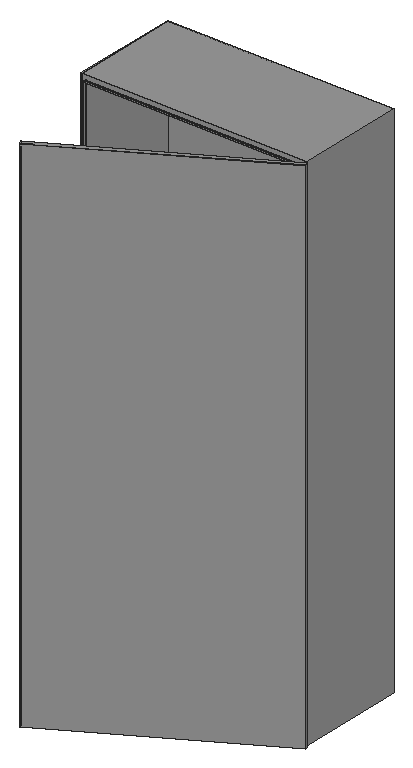
Revit family "Hager-Univers-IP41-D400-H1850-Cl.I-Steel_encl-NoHosted-NL-en", category Equipement électrique, Revit 2020
Family settings
  Configuration du panneau = Deux colonnes, circuits au sein
  Cote de connecteur circulaire = Utiliser le diamètre
  Type d'élément = Tableau de raccordement
  Basée sur le plan de construction = Oui
  Toujours verticalement = Oui
  Couper avec des vides une fois chargée = Non
  Partagée = Non
  Point de calcul de pièce = Non
Parameters (values of type "Surface mounted (plaster) IP41 W800 H1850 D400  - FS23G")
  Width Control [instance] = if([EF000008 - Width] > Min Width, [EF000008 - Width], Min Width)  # 800 mm
  Commentaires du type = [HG000003 - Range]  # "Univers"
  Thickness Door [instance] = if([EF009171 - Material plate thickness door/cover] > 3 mm, 3 mm, [EF009171 - Material plate thickness door/cover])  # 1.5 mm
  Seal Frame Offset [instance] = 17 mm  # constant formula
  Plinth Visibility [instance] = [HG000027 - Plinth height] > 0 mm  # no
  Min Width [instance] = 100 mm  # constant formula
  Min Depth [instance] = (2 * [EF009170 - Material plate thickness cabinet]) + 1 mm  # 4 mm
  Min Height [instance] = 100 mm  # constant formula
  Internal Frame Depth [instance] = (Door System Depth * 0.5)  # 9 mm
  Panel Name [instance] = ""  # (empty or 0)
  Model = ""
  HG000027 - Plinth height = 0 mm
  HG000026 - Floor standing = no
  HG000024 - Bottom section height = 600 mm
  HG000023 - Double section enclosure = no
  HG000016 - Door 3d visibility [instance] = yes
  HG000015 - Clearance visibility [instance] = no
  HG000014 - Door on the right [instance] = yes
  HG000013 - Door on the left [instance] = not([HG000014 - Door on the right])  # no
  HG000012 - Door swing angle [instance] = 30.00°
  HG000010 - Asymmetric doors = no
  HG000009 - Double swing door = no
  HG000006 - Flush mounted = no
  HG000004 - Manufacturer reference = "FS23G"
  HG000003 - Range = "Univers"
  HG000002 - With door or cover = yes
  Frame Offset Bottom [instance] = 10 mm  # constant formula
  Frame Offset [instance] = 15 mm  # constant formula
  EF015940 - Cover with overpressure release = no
  EF011959 - Degree of protection (NEMA) = ""
  EF009554 - Number of openings for flange plates = 6
  EF009212 - Cover model = "EV000116 - Closed"
  EF009171 - Material plate thickness door/cover = 1.5 mm
  EF009170 - Material plate thickness cabinet = 1.5 mm
  EF008873 - Nominal current (In) = 800 A
  EF007800 - Suitable for lightning protection = no
  EF006306 - With lock = no
  EF006244 - Transparent cover/door = no
  EF005474 - Degree of protection (IP) = "EV006416 - IP41"
  EF004464 - Type of door = "EV002646 - Single"
  EF004427 - Number of modules = 432
  EF004293 - Impact strength = "EV006813 - IK07"
  EF003532 - Suitable for outdoor use = no
  EF002950 - Width in number of modular spacings = 24
  EF001613 - Circuit integrity = "EV000494 - None"
  EF001596 - Material housing = "EV000179 - Steel"
  EF001131 - Internal depth = 400 mm
  EF001088 - Extension possible = yes
  EF000437 - Number of conduit inlets = 6
  EF000339 - Type of cover = "EV004216 - Door"
  EF000266 - Number of rows = 12
  EF000218 - Built-in depth = 0 mm
  EF000118 - With mounting plate = no
  EF000116 - RAL-number = "7035"
  EF000049 - Depth = 400 mm
  EF000040 - Height = 1850 mm
  EF000008 - Width = 800 mm
  EF000007 - Colour = "EV000270 - Grey"
  EF000003 - Mounting method = "EV000384 - Surface mounted (plaster)"
  Door System Leaf Tolerance [instance] = 1.5 mm  # constant formula
  Door System Depth [instance] = 18 mm  # constant formula
  Door Height [instance] = Height Control - [HG000027 - Plinth height]  # 1850 mm
  Description = ""
  Default Elevation = 1219.2 mm
  Connector Offset [instance] = Height Control / 2  # 925 mm
  Fabricant = "Hager"  # constant formula
  Height Control [instance] = if([EF000040 - Height] > Min Height, [EF000040 - Height], Min Height)  # 1850 mm
  Depth Control [instance] = if([EF000049 - Depth] > Min Depth, [EF000049 - Depth], Min Depth)  # 400 mm
  Bottom Top Plate Trim [instance] = 1.5 mm  # constant formula
  Plinth height Ctrl [instance] = if([HG000027 - Plinth height] > 0 mm, [HG000027 - Plinth height], 12 mm)  # 12 mm
Types (5, lengths in mm): name | Width Control | HG000009 - Double swing door | HG000004 - Manufacturer reference | EF009554 - Number of openings for flange plates | EF004464 - Type of door | EF004427 - Number of modules | EF000437 - Number of conduit inlets | EF000008 - Width
  Surface mounted (plaster) IP41 W1050 H1850 D400  - FS24G | 1050 | yes | "FS24G" | 8 | "EV003602 - Double" | 576 | 8 | 1050
  Surface mounted (plaster) IP41 W1300 H1850 D400  - FS25G | 1300 | yes | "FS25G" | 10 | "EV003602 - Double" | 720 | 10 | 1300
  Surface mounted (plaster) IP41 W300 H1850 D400  - FS21G | 300 | no | "FS21G" | 2 | "EV002646 - Single" | 144 | 2 | 300
  Surface mounted (plaster) IP41 W550 H1850 D400  - FS22G | 550 | no | "FS22G" | 4 | "EV002646 - Single" | 288 | 4 | 550
  Surface mounted (plaster) IP41 W800 H1850 D400  - FS23G | 800 | no | "FS23G" | 6 | "EV002646 - Single" | 432 | 6 | 800
Reference planes
  plane 1 "Center (Front/Back)": y = 0
  plane 2: z = 0
  plane 3 "Center (Left/Right)": x = 0
  plane 4: y = 0
  plane 5: y = 0
  plane 6: z = 0
  plane 7: x = -400
  plane 8: x = 400
  plane 9: x = 398.5
  plane 10: x = -398.5
  plane 11: z = 0
  plane 12: z = 1.5
  plane 13: y = -400
  plane 14: y = -1.5
  plane 15: x = 0
  plane 16: y = -382
  plane 17: y = -398.5
  plane 18: y = -380.5
  plane 19: x = -383.5
  plane 20: x = 383.5
  plane 21: z = 11.5
  plane 22: x = -383
  plane 23: x = 383
  plane 24: z = 0
  plane 25: z = 1850
  plane 26: z = 1850
  plane 27: z = 1833.5
  plane 28: z = 1848.5
Forms (mm)
  Extrusion 1, solid, material "Hager_Steel_RAL7035_Light_Grey", detail levels medium+fine
    sketch origin (-208.679, -4572, 0) x (-1, 0, 0) y (0, -1, 0)
      loop
        line (191.321, -4190) -> (-608.679, -4190) -> (-608.679, -4572) -> (191.321, -4572) -> (191.321, -4190)
    from 0 to 1850
  Extrusion 2, void
    sketch origin (-350.771, -400, 1219.2) x (1, 0, 0) y (0, 0, 1)
      loop
        line (-47.729, 629.3) -> (-47.729, -1217.7) -> (749.271, -1217.7) -> (749.271, 629.3) -> (-47.729, 629.3)
    from -19.5 to -398.5
  Extrusion 3, void
    sketch origin (-290.084, -382, 1219.2) x (1, 0, 0) y (0, 0, 1)
      loop
        line (-93.416, -1207.7) -> (673.584, -1207.7) -> (673.584, 614.3) -> (-93.416, 614.3) -> (-93.416, -1207.7)
    from 0 to -1.5
  Extrusion 4, solid, material "Hager_Steel_RAL7035_Light_Grey", visible <- "Plinth Visibility", detail levels medium+fine
    sketch origin (0, 0, 0) x (1, 0, 0) y (0, 1, 0)
      loop
        line (-400, 0) -> (-400, -382) -> (400, -382) -> (400, 0) -> (-400, 0)
    from 0 to 12 <- "Plinth height Ctrl"
  Extrusion 5, solid, material "Hager_Steel_RAL7035_Light_Grey", detail levels coarse
    sketch origin (0, 0, 0) x (1, 0, 0) y (0, 1, 0)
      loop
        line (-400, 0) -> (-400, -400) -> (400, -400) -> (400, 0) -> (-400, 0)
    from 0 to 1850 <- "Height Control"
  Sweep 6, void
    path in 3D
      loop
        line (-400, -382, 12) -> (400, -382, 12) -> (400, 0, 12) -> (-400, 0, 12) -> (-400, -382, 12)
    profile origin (-400, -191, 12) x (1, 0, 0) y (0, 0, 1)
      loop
        line (0, 0) -> (0, -1.5) -> (1.5, -1.5)
        arc (1.5, -1.5) -> (1.061, -0.439) -> (0, 0) r 1.5
  Extrusion 7, solid, material "Hager_Steel_RAL7035_Light_Grey", detail levels fine
    sketch origin (-400, -382, 0) x (1, 0, 0) y (0, 0, 1)
      loop
        line (16.5, 11.5) -> (783.5, 11.5) -> (783.5, 1833.5) -> (16.5, 1833.5) -> (16.5, 11.5)
      loop
        line (15, 10) -> (785, 10) -> (785, 1835) -> (15, 1835) -> (15, 10)
    from 0 to 9 <- "Internal Frame Depth"
Cuts and joins
  Extrusion 2, Extrusion 3 cuts Extrusion 1
  Sweep 6 cuts Extrusion 4
Lines and regions (mm)
  Masking region 1
    outline origin (0, 0, 0) x (1, 0, 0) y (0, 1, 0)
      loop
        line (-400, 0) -> (-400, -400) -> (400, -400) -> (400, 0) -> (-400, 0)
  Masking region 2, detail levels coarse
    outline origin (-290.084, -382, 1219.2) x (-1, 0, 0) y (0, 0, 1)
      loop
        line (-690.084, -1219.2) -> (109.916, -1219.2) -> (109.916, 630.8) -> (-690.084, 630.8) -> (-690.084, -1219.2)
  Masking region 3, detail levels coarse
    outline origin (0, 0, 0) x (0, 1, 0) y (0, 0, 1)
      loop
        line (0, 0) -> (0, 1850) -> (-400, 1850) -> (-400, 0) -> (0, 0)
  Masking region 4, visible <- "Plinth Visibility", detail levels medium+fine
    outline origin (0, 0, 0) x (0, 1, 0) y (0, 0, 1)
      loop
        line (-1.5, 12) -> (-380.5, 12)
        arc (-380.5, 12) -> (-380.939, 10.939) -> (-382, 10.5) r 1.5
        line (-382, 10.5) -> (-382, 0) -> (0, 0) -> (0, 10.5)
        arc (0, 10.5) -> (-1.061, 10.939) -> (-1.5, 12) r 1.5
  Masking region 5, detail levels medium+fine
    outline origin (0, 0, 594.038) x (0, 1, 0) y (0, 0, 1)
      loop
        line (0, -594.038) -> (0, 1255.962) -> (-382, 1255.962) -> (-382, -594.038) -> (0, -594.038)
  Masking region 6, detail levels medium+fine
    outline origin (-359.7, -382, 1211.883) x (-1, 0, 0) y (0, 0, 1)
      loop
        line (-759.7, -1211.883) -> (40.3, -1211.883) -> (40.3, 638.117) -> (-759.7, 638.117) -> (-759.7, -1211.883)
  Masking region 7, visible <- "Plinth Visibility", detail levels medium+fine
    outline origin (-320.334, -382, 1041.368) x (-1, 0, 0) y (0, 0, 1)
      loop
        line (-720.334, -1041.368) -> (79.666, -1041.368) -> (79.666, -1030.868)
        arc (79.666, -1030.868) -> (78.606, -1030.429) -> (78.166, -1029.368) r 1.5
        line (78.166, -1029.368) -> (-718.834, -1029.368)
        arc (-718.834, -1029.368) -> (-719.273, -1030.429) -> (-720.334, -1030.868) r 1.5
        line (-720.334, -1030.868) -> (-720.334, -1041.368)
  sketch lines
    curve 1: line (-400, 0, 12) -> (-400, -382, 12)
    curve 2: line (-400, -382, 12) -> (400, -382, 12)
    curve 3: line (400, 0, 12) -> (-400, 0, 12)
    curve 4: line (400, -382, 12) -> (400, 0, 12)
Dimensions and locks
  locked: plane 1 "Center (Front/Back)" to plane 5
  "EF009170 - Material plate thickness cabinet": plane 7 to plane 10
  "EF009170 - Material plate thickness cabinet": plane 8 to plane 9
  equal spacing: plane 7, plane 3 "Center (Left/Right)", plane 8
  "Width Control": plane 7 to plane 8
  "Depth Control": plane 4 to plane 13
  "EF009170 - Material plate thickness cabinet": plane 4 to plane 14
  "Height Control": plane 25 to level
  "HG000027 - Plinth height": plane 11 to level
  "EF009170 - Material plate thickness cabinet": plane 12 to plane 11
  "EF009170 - Material plate thickness cabinet": plane 17 to plane 13
  "EF009170 - Material plate thickness cabinet": plane 18 to plane 16
  "Frame Offset Bottom": plane 21 to plane 12
  "Frame Offset": plane 10 to plane 19
  "Frame Offset": plane 9 to plane 20
  "Door System Depth": plane 16 to plane 13
  "Seal Frame Offset": plane 7 to plane 22
  "Seal Frame Offset": plane 8 to plane 23
  "EF009170 - Material plate thickness cabinet": plane 26 to plane 28
  "Frame Offset": plane 28 to plane 27
  "Connector Offset": plane 2 to connector elem
  "Bottom Top Plate Trim": profile plane to Sweep 6 sketch curve
  "Bottom Top Plate Trim": Sweep 6 sketch curve to Sweep 6 sketch curve
  "Plinth height Ctrl": Masking region 4 sketch curve to level
  "Plinth height Ctrl": Masking region 7 sketch curve to level
  "Thickness Door": Extrusion 7 sketch curve to Extrusion 7 sketch curve  (x4)
  "Bottom Top Plate Trim": radius of Sweep 6 sketch curve
  "Bottom Top Plate Trim": radius of Masking region 4 sketch curve  (x2)
  "Bottom Top Plate Trim": radius of Masking region 7 sketch curve  (x2)
  aligned and locked: Extrusion 2 sketch curve to plane 12
  aligned and locked: Extrusion 2 sketch curve to plane 9
  aligned and locked: Extrusion 2 sketch curve to plane 10
  aligned and locked: Extrusion 2 to plane 14
  aligned and locked: Extrusion 1 sketch curve to plane 4
  aligned and locked: plane 8 to Extrusion 1 sketch curve
  aligned and locked: plane 7 to Extrusion 1 sketch curve
  aligned and locked: Extrusion 2 to plane 18
  aligned and locked: Extrusion 3 sketch curve to plane 19
  aligned and locked: plane 20 to Extrusion 3 sketch curve
  aligned and locked: Extrusion 3 to Extrusion 2
  aligned and locked: Extrusion 3 sketch curve to plane 21
  aligned and locked: plane 3 "Center (Left/Right)" to nested 1
  aligned and locked: Extrusion 1 sketch curve to plane 16
  aligned and locked: Extrusion 4 sketch curve to cut or joined group of Extrusion 1, Extrusion 2, Extrusion 3
  aligned and locked: Masking region 1 sketch curve to plane 7
  aligned and locked: Masking region 1 sketch curve to plane 5
  aligned and locked: Masking region 1 sketch curve to plane 8
  aligned and locked: Masking region 2 sketch curve to level
  aligned and locked: level to Masking region 3 sketch curve
  aligned and locked: plane 1 "Center (Front/Back)" to Masking region 3 sketch curve
  aligned and locked: plane 13 to Masking region 3 sketch curve
  aligned and locked: plane 5 to Masking region 4 sketch curve
  aligned and locked: Masking region 2 sketch curve to plane 8
  aligned and locked: Masking region 2 sketch curve to plane 7
  aligned and locked: plane 7 to nested 2
  aligned and locked: nested 2 to plane 5
  aligned and locked: plane 5 to Masking region 5 sketch curve
  aligned and locked: plane 26 to Masking region 5 sketch curve
  aligned and locked: Extrusion 5 sketch curve to plane 8
  aligned and locked: Extrusion 5 sketch curve to plane 7
  aligned and locked: Extrusion 5 sketch curve to plane 5
  aligned and locked: Extrusion 3 sketch curve to plane 27
  aligned and locked: Extrusion 2 sketch curve to plane 28
  aligned and locked: Masking region 2 to plane 25
  aligned and locked: Extrusion 4 to plane 16
  aligned and locked: profile plane to Sweep 6 sketch curve
  aligned and locked: Masking region 5 sketch curve to plane 24
  aligned and locked: level to Masking region 4 sketch curve
  aligned and locked: Masking region 1 to plane 13
  aligned and locked: nested 1 to plane 16
  aligned and locked: Masking region 3 to plane 25
  aligned and locked: plane 16 to Masking region 4 sketch curve
  aligned and locked: Masking region 5 sketch curve to plane 16
  aligned and locked: plane 24 to plane 11
  aligned and locked: plane 26 to plane 25
  aligned and locked: plane 26 to cut or joined group of Extrusion 1, Extrusion 2, Extrusion 3
  aligned and locked: nested 1 to plane 24
  aligned and locked: Extrusion 1 to Extrusion 3
  aligned and locked: Masking region 6 sketch curve to plane 8
  aligned and locked: Masking region 6 sketch curve to plane 24
  aligned and locked: Masking region 6 sketch curve to plane 7
  aligned and locked: Masking region 6 sketch curve to plane 26
  aligned and locked: Masking region 7 sketch curve to plane 7
  aligned and locked: level to Masking region 7 sketch curve
  aligned and locked: Masking region 7 sketch curve to plane 8
  aligned and locked: Extrusion 7 sketch curve to cut or joined group of Extrusion 1, Extrusion 2, Extrusion 3  (x4)
Automatic sketch dimensions
  plane 19 to Extrusion 3 sketch curve = 0 mm
  Extrusion 3 sketch curve to plane 20 = 0 mm
  Extrusion 3 sketch curve to plane 21 = 0 mm
  Extrusion 4 sketch curve to plane 7 = 0 mm
  Extrusion 4 sketch curve to plane 8 = 0 mm
  Extrusion 4 sketch curve to plane 16 = 0 mm
  Masking region 1 sketch curve to plane 13 = 0 mm
  Masking region 2 sketch curve to plane 25 = 0 mm
  Masking region 3 sketch curve to plane 25 = 0 mm
  Extrusion 5 sketch curve to plane 13 = 0 mm
  profile plane to Sweep 6 sketch curve = 0 mm
Nested families
  nested 1: "EC000058_Univers_Door" at (0, -382, 0), Double <- "HG000009 - Double swing door", Transparent <- "EF006244 - Transparent cover/door", Angle <- "HG000012 - Door swing angle", Door_Right <- "HG000014 - Door on the right", Assymetrical <- "HG000010 - Asymmetric doors", Door <- "HG000002 - With door or cover", Width_Ctrl <- "Width Control", 3d_Door <- "HG000016 - Door 3d visibility", Clearance <- "HG000015 - Clearance visibility", Door_Left <- "HG000013 - Door on the left", Width <- "Width Control", Door_Depth <- "Door System Depth", Leaf_Tolerance <- "Door System Leaf Tolerance", Height <- "Door Height", Lock_Visibility <- "EF006306 - With lock", Thickness <- "Thickness Door", type "EC000058_Univers_Door", detail levels medium+fine
    with min_wh 4 mm, Width_Ctrl 800 mm, Width 800 mm, Transparent no, Thickness 1.5 mm, Seal_Material Hager_Rubber, Lock_Visibility no, Lock_Material Hager_Plastic_RAL9005_Jet_Black, Leaf_Width 800 mm, Leaf_Tolerance_External_Sides 0 mm, Leaf_Tolerance 1.5 mm, Leaf_Offset 0 mm, Leaf_Height 1847 mm, Leaf_2_Width 800 mm, Leaf_2_Offset 400 mm, Leaf_1_Width 800 mm, Leaf_1_Offset 400 mm, Height_Ctrl 1850 mm, Height 1850 mm, Glass_Material Hager_Glass, Double_Clearance_Ctrl no, Double no, Door_Right_Ctrl yes, Door_Right yes, Door_Material Hager_Steel_RAL7035_Light_Grey, Door_Left_Ctrl no, Door_Left no, Door_Depth 18 mm, Door yes, Clearance_Material Hager_Clearance, Clearance_Depth 800 mm, Clearance_Ctrl no, Clearance no, Assymetrical no, Angle 30.00°, 3d_Door yes
  nested 2: "Hager_Enclosure_Symbol" at (-400, 0, 0), Height <- "Depth Control", Width <- "Width Control", type "Hager_Enclosure_Symbol"
    with Width_Ctrl 800 mm, Width 800 mm, Height_Ctrl 400 mm, Height 400 mm, A_Width_Int 26.25 mm, A_Width 315 mm, A_Height_Ctrl 350 mm, A_Height 350 mm
Connectors
  electrical at (0, 0, 925)
    settings: on plane 1 "Center (Front/Back)", index 1, voltage 0 V, apparent load 0 VA, apparent load phase1 0 VA, apparent load phase2 0 VA, apparent load phase3 0 VA, power factor 1, load classification "Other", number of poles 1, system type 30, power factor state 1, is connector primary yes, connector utility no, sub classification motor no, connector description ""
Definition of nested family "EC000058_Univers_Door"
  Parameters (values of type "EC000058_Univers_Door")
    min_wh [instance] = (2 * Thickness) + 1 mm  # 11 mm
    Width_Ctrl [instance] = 400 mm
    Width [instance] = 500 mm
    Transparent [instance] = yes
    Thickness [instance] = 5 mm
    Seal_Material [instance] = none
    Lock_Visibility [instance] = yes
    Lock_Material [instance] = none
    Leaf_Width [instance] = if((Width_Ctrl - 2 * Leaf_Tolerance_External_Sides) > 0 mm, (Width_Ctrl - 2 * Leaf_Tolerance_External_Sides), min_wh)  # 400 mm
    Leaf_Tolerance_External_Sides [instance] = 0 mm  # constant formula
    Leaf_Tolerance [instance] = 1.5 mm
    Leaf_Offset [instance] = 0 mm  # constant formula
    Leaf_Height [instance] = if((Height_Ctrl - 2 * Leaf_Tolerance) > 0 mm, (Height_Ctrl - 2 * Leaf_Tolerance), min_wh)  # 497 mm
    Leaf_2_Width [instance] = if(and(and(Double, Assymetrical), Door_Left), (Leaf_Width / 3) - (Leaf_Tolerance / 2), if(and(and(Double, Assymetrical), Door_Right), (Leaf_Width / 3) * 2 - (Leaf_Tolerance / 2), if(and(Double, not(Assymetrical)), (Leaf_Width / 2) - Leaf_Tolerance, Leaf_Width)))  # 400 mm
    Leaf_2_Offset [instance] = if(and(Double, Assymetrical), Leaf_2_Width / 2, if(and(Double, not(Assymetrical)), Leaf_Width / 4, Leaf_Width / 2))  # 200 mm
    Leaf_1_Width [instance] = if(and(and(Double, Assymetrical), Door_Right), (Leaf_Width / 3) - (Leaf_Tolerance / 2), if(and(and(Double, Assymetrical), Door_Left), (Width / 3) * 2 - (Leaf_Tolerance / 2), if(and(Double, not(Assymetrical)), (Leaf_Width / 2) - Leaf_Tolerance, Leaf_Width)))  # 400 mm
    Leaf_1_Offset [instance] = if(and(Double, Assymetrical), Leaf_1_Width / 2, if(and(Double, not(Assymetrical)), Leaf_Width / 4, Leaf_Width / 2))  # 200 mm
    Height_Ctrl [instance] = if(Height > min_wh, Height, min_wh)  # 500 mm
    Height [instance] = 500 mm
    Glass_Material [instance] = none
    Double_Clearance_Ctrl [instance] = and(Double, Clearance)  # no
    Double [instance] = no
    Door_Right_Ctrl [instance] = and(or(Door_Right, Double), Door)  # yes
    Door_Right [instance] = yes
    Door_Material [instance] = none
    Door_Left_Ctrl [instance] = and(or(Door_Left, Double), Door)  # no
    Door_Left [instance] = no
    Door_Depth [instance] = 30 mm
    Door [instance] = yes
    Default Elevation = 1219.2 mm
    Clearance_Material [instance] = none
    Clearance_Depth [instance] = if(Leaf_1_Width > Leaf_2_Width, Leaf_1_Width, Leaf_2_Width)  # 400 mm
    Clearance_Ctrl [instance] = and(not(Double), Clearance)  # yes
    Clearance [instance] = yes
    Assymetrical [instance] = yes
    Angle [instance] = 30.00°
    3d_Door [instance] = yes
  Reference planes
    plane 1 "Center (Front/Back)": y = 0
    plane 2 "Bottom": z = 0
    plane 3 "Center (Left/Right)": x = 0
    plane 4: z = 500
    plane 5: x = -200
    plane 6: x = 200
    plane 7: z = 500
    plane 8: x = -200
    plane 9: z = 0
    plane 10: x = 200
    plane 11: y = 0
    plane 12: z = 1.5
    plane 13: x = -600
    plane 14: y = -400
    plane 15: x = 600
    plane 16: x = 0
    plane 17: x = 0
    plane 18: x = -200
    plane 19: x = 200
    plane 20: z = 498.5
  Forms (mm)
    Extrusion 1, solid, material <- "Clearance_Material", visible <- "Double_Clearance_Ctrl"
      sketch origin (1200, 0, 0) x (1, 0, 0) y (0, 0, -1)
        loop
          line (-1800, -498.5) -> (-600, -498.5) -> (-600, 0) -> (-1800, 0) -> (-1800, -498.5)
      from 0 to -400
  Dimensions and locks
    equal spacing: plane 5, plane 3 "Center (Left/Right)", plane 6
    "Width_Ctrl": plane 5 to plane 6
    "Leaf_Offset": plane 5 to plane 8
    "Leaf_Offset": plane 6 to plane 10
    "Leaf_Offset": plane 9 to level
    "Leaf_Offset": plane 4 to plane 7
    "Height_Ctrl": plane 4 to level
    "Leaf_Tolerance": plane 12 to plane 9
    locked: plane 11 to plane 1 "Center (Front/Back)"
    "Leaf_1_Offset": plane 18 to plane 16
    "Leaf_2_Offset": plane 17 to plane 19
    "Leaf_1_Width": plane 13 to plane 8
    "Leaf_2_Width": plane 10 to plane 15
    "Clearance_Depth": plane 14 to plane 1 "Center (Front/Back)"
    "Leaf_Tolerance_External_Sides": plane 8 to plane 18
    "Leaf_Tolerance_External_Sides": plane 19 to plane 10
    "Leaf_Tolerance": plane 7 to plane 20
    aligned and locked: level to plane 2 "Bottom"
    aligned and locked: nested 1 to plane 16
    aligned and locked: nested 2 to plane 17
    aligned and locked: Extrusion 1 to plane 13
    aligned and locked: plane 15 to Extrusion 1
    aligned and locked: Extrusion 1 to plane 14
    aligned and locked: plane 12 to nested 1
    aligned and locked: nested 2 to plane 12
    aligned and locked: Extrusion 1 to plane 11
    aligned and locked: plane 20 to Extrusion 1
    aligned and locked: nested 2 to plane 11
    aligned and locked: nested 1 to plane 11
  Automatic sketch dimensions
    Extrusion 1 sketch curve to level = 0 mm
    plane 5 to Extrusion 1 sketch curve = 400 mm
    plane 6 to Extrusion 1 sketch curve = 400 mm
    Extrusion 1 sketch curve to plane 4 = 1.5 mm
  Nested families
    nested 1: "EC000058_Univers_Door_Leaf" at (0, 0, 1.5), Width <- "Leaf_1_Width", visible <- "Door_Left_Ctrl", Leaf_Height <- "Leaf_Height", Angle <- "Angle", 3d_Door <- "3d_Door", Transparent <- "Transparent", Clearance Material <- "Clearance_Material", Clearance <- "Clearance_Ctrl", Door_Material <- "Door_Material", Glass_Material <- "Glass_Material", Door_Depth <- "Door_Depth", Lock_Material <- "Lock_Material", Seal_Material <- "Seal_Material", Lock_Visibility <- "Lock_Visibility", Thickness <- "Thickness", type "EC000058_Univers_Door_Leaf"
      with Width 400 mm, Transparent_Glass_Offset 30 mm, Transparent_Ctrl yes, Transparent yes, Thickness 5 mm, Standard no, Seal_Material none, Seal_D2 8 mm, Seal_D1 1 mm, Offset_Internal_Frame 10 mm, Lock_Width 20 mm, Lock_Visibility_3d yes, Lock_Visibility yes, Lock_Thickness_3 3 mm, Lock_Thickness_2 1 mm, Lock_Thickness_1 3 mm, Lock_Radius_Offset_2 16 mm, Lock_Radius_Offset_1 15 mm, Lock_Radius_2 5 mm, Lock_Radius 6 mm, Lock_Offset 5 mm, Lock_Material none, Lock_Height 80 mm, Lock_Cover_Top_Offset_2d 17 mm, Lock_Cover_Height -65 mm, Leaf_Height 497 mm, Internal_Seal_Thickness 8 mm, Internal_Seal_Depth_2 4.5 mm, Internal_Frame_Depth 25 mm, Glass_Thickness -1 mm, Glass_Offset -2 mm, Glass_Material none, Door_Material none, Door_Depth 30 mm, Clearance Material none, Clearance yes, Angle_Ctrl 30.00°, Angle 30.00°, 3d_Door yes
    nested 2: "EC000058_Univers_Door_Leaf" at (0, 0, 1.5) x (-1, 0, 0) z (0, 0, 1), Width <- "Leaf_2_Width", visible <- "Door_Right_Ctrl", Leaf_Height <- "Leaf_Height", Angle <- "Angle", 3d_Door <- "3d_Door", Transparent <- "Transparent", Clearance Material <- "Clearance_Material", Clearance <- "Clearance_Ctrl", Door_Material <- "Door_Material", Glass_Material <- "Glass_Material", Door_Depth <- "Door_Depth", Lock_Material <- "Lock_Material", Seal_Material <- "Seal_Material", Lock_Visibility <- "Lock_Visibility", Thickness <- "Thickness", type "EC000058_Univers_Door_Leaf"
      with Width 400 mm, Transparent_Glass_Offset 30 mm, Transparent_Ctrl yes, Transparent yes, Thickness 5 mm, Standard no, Seal_Material none, Seal_D2 8 mm, Seal_D1 1 mm, Offset_Internal_Frame 10 mm, Lock_Width 20 mm, Lock_Visibility_3d yes, Lock_Visibility yes, Lock_Thickness_3 3 mm, Lock_Thickness_2 1 mm, Lock_Thickness_1 3 mm, Lock_Radius_Offset_2 16 mm, Lock_Radius_Offset_1 15 mm, Lock_Radius_2 5 mm, Lock_Radius 6 mm, Lock_Offset 5 mm, Lock_Material none, Lock_Height 80 mm, Lock_Cover_Top_Offset_2d 17 mm, Lock_Cover_Height -65 mm, Leaf_Height 497 mm, Internal_Seal_Thickness 8 mm, Internal_Seal_Depth_2 4.5 mm, Internal_Frame_Depth 25 mm, Glass_Thickness -1 mm, Glass_Offset -2 mm, Glass_Material none, Door_Material none, Door_Depth 30 mm, Clearance Material none, Clearance yes, Angle_Ctrl 30.00°, Angle 30.00°, 3d_Door yes
  Definition of nested family "EC000058_Univers_Door_Leaf"
    Parameters (values of type "EC000058_Univers_Door_Leaf")
      Width [instance] = 2000 mm
      Transparent_Glass_Offset [instance] = 30 mm
      Transparent_Ctrl [instance] = and(Transparent, [3d_Door])  # yes
      Transparent [instance] = yes
      Thickness [instance] = 5 mm
      Standard [instance] = and(not(Transparent), [3d_Door])  # no
      Seal_Material [instance] = none
      Seal_D2 [instance] = 8 mm  # constant formula
      Seal_D1 [instance] = 1 mm  # constant formula
      Offset_Internal_Frame [instance] = 10 mm  # constant formula
      Lock_Width [instance] = 20 mm  # constant formula
      Lock_Visibility_3d [instance] = and(Lock_Visibility, [3d_Door])  # yes
      Lock_Visibility [instance] = yes
      Lock_Thickness_3 [instance] = 3 mm  # constant formula
      Lock_Thickness_2 [instance] = 1 mm  # constant formula
      Lock_Thickness_1 [instance] = 3 mm  # constant formula
      Lock_Radius_Offset_2 [instance] = Lock_Radius_Offset_1 + 1 mm  # 16 mm
      Lock_Radius_Offset_1 [instance] = 15 mm  # constant formula
      Lock_Radius_2 [instance] = Lock_Radius - 1 mm  # 5 mm
      Lock_Radius [instance] = 6 mm  # constant formula
      Lock_Offset [instance] = 5 mm  # constant formula
      Lock_Material [instance] = none
      Lock_Height [instance] = 80 mm  # constant formula
      Lock_Cover_Top_Offset_2d [instance] = Lock_Radius_Offset_2 + 1 mm  # 17 mm
      Lock_Cover_Height [instance] = -(Lock_Height - Lock_Radius_Offset_1)  # -65 mm
      Leaf_Height [instance] = 2720.336 mm
      Internal_Seal_Thickness [instance] = 8 mm  # constant formula
      Internal_Seal_Depth_2 [instance] = 4.5 mm  # constant formula
      Internal_Frame_Depth [instance] = if(Door_Depth - Thickness > 5 mm, Door_Depth - Thickness, 5 mm)  # 25 mm
      Glass_Thickness [instance] = if(Thickness > 15 mm, Glass_Offset + 10 mm, -1 mm)  # -1 mm
      Glass_Offset [instance] = if(Thickness > 15 mm, -(Thickness + 10 mm) / 2, -2 mm)  # -2 mm
      Glass_Material [instance] = none
      Door_Material [instance] = none
      Door_Depth [instance] = 30 mm
      Default Elevation = 0 mm
      Clearance Material [instance] = none
      Clearance [instance] = yes
      Angle_Ctrl [instance] = if(Angle > 180.00°, 180.00°, Angle)  # 90.00°
      Angle [instance] = 90.00°
      3d_Door [instance] = yes
    Reference planes
      plane 1 "Center (Front/Back)": y = 0
      plane 2: z = 0
      plane 3 "Center (Left/Right)": x = 0
      plane 4: y = 2000
      plane 5: x = -1000
      plane 6: x = 1000
      plane 7: x = -3000
      plane 8: z = 2720.336
      plane 9: z = 30
      plane 10: z = 2690.336
      plane 11: x = 970
      plane 12: x = -970
      plane 13: y = -3
      plane 14: z = 107.833
      plane 15: y = -5
      plane 16: y = -223.314
      plane 17: x = -1000
      plane 18: z = 1360.168
      plane 19: y = 30
    Forms (mm)
      Extrusion 1, solid, material <- "Clearance Material", visible <- "Clearance"
        sketch origin (0, 0, 0) x (1, 0, 0) y (0, 0, 1)
          loop
            line (-3000, 2720.336) -> (-3000, 0) -> (1000, 0) -> (1000, 2720.336) -> (-3000, 2720.336)
        from 0 to -2000
      Extrusion 2, solid, material <- "Door_Material", visible <- "Standard", detail levels medium+fine
        sketch origin (-1000, 0, 0) x (0, 1, 0) y (-1, 0, 0)
          loop
            line (0, 30) -> (0, 25) -> (2000, 25) -> (2000, 30) -> (0, 30)
        from 0 to 2720.336 <- "Leaf_Height"
      Extrusion 3, solid, material <- "Door_Material", visible <- "Transparent_Ctrl", detail levels medium+fine
        sketch origin (-1000, 0, 0) x (0, 1, 0) y (-1, 0, 0)
          loop
            line (0, 25) -> (2000, 25) -> (2000, 30) -> (0, 30) -> (0, 25)
        from 0 to 2720.336 <- "Leaf_Height"
      Extrusion 4, void
        sketch origin (-1025, 2000, 0) x (0, 1, 0) y (0, 0, -1)
          loop
            line (-30, -2690.336) -> (-30, -30) -> (-1970, -30) -> (-1970, -2690.336) -> (-30, -2690.336)
        from 0 to 5 <- "Thickness"
      Sweep 5, solid, material <- "Seal_Material", visible <- "Transparent_Ctrl", detail levels fine
        path in 3D
          loop
            line (-1025, 30, 30) -> (-1025, 30, 2690.336) -> (-1025, 1970, 2690.336) -> (-1025, 1970, 30) -> (-1025, 30, 30)
        profile origin (-1025, 1000, 30) x (1, 0, 0) y (0, 0, 1)
          loop
            line (0, 0) -> (0, -8) -> (1, -8) -> (1, 0) -> (0, 0)
      Extrusion 6, solid, material <- "Glass_Material", visible <- "Transparent_Ctrl", detail levels medium+fine
        sketch origin (-1030, 0, 0) x (0, 1, 0) y (0, 0, -1)
          loop
            line (1970, -2690.336) -> (1970, -30) -> (30, -30) -> (30, -2690.336) -> (1970, -2690.336)
        from -2 <- "Glass_Offset" to -1 <- "Glass_Thickness"
      Extrusion 7, solid, material <- "Door_Material", visible <- "3d_Door", detail levels medium+fine
        sketch origin (-1025, 2000, 0) x (0, -1, 0) y (0, 0, -1)
          loop
            line (0, -2720.336) -> (2000, -2720.336) -> (2000, 0) -> (0, 0) -> (0, -2720.336)
          loop
            line (1995, -5) -> (5, -5) -> (5, -2715.336) -> (1995, -2715.336) -> (1995, -5)
        from 0 to 25 <- "Internal_Frame_Depth"
      Sweep 8, solid, material <- "Seal_Material", visible <- "Transparent_Ctrl", detail levels fine
        path in 3D
          loop
            line (-1025, 0, 0) -> (-1025, 2000, 0) -> (-1025, 2000, 2720.336) -> (-1025, 0, 2720.336) -> (-1025, 0, 0)
        profile origin (-1025, 0, 1360.168) x (1, 0, 0) y (0, 1, 0)
          loop
            line (0, 10) -> (2.975, 10)
            arc (2.975, 10) -> (4.053, 10.447) -> (4.5, 11.525) r 1.525
            line (4.5, 11.525) -> (4.5, 16.527)
            arc (4.5, 16.527) -> (4.069, 17.569) -> (3.027, 18) r 1.473
            line (3.027, 18) -> (0, 18) -> (0, 10)
      Extrusion 9, solid, material <- "Lock_Material", visible <- "Lock_Visibility_3d", detail levels fine
        sketch origin (-1030, 0, 0) x (0, 1, 0) y (0, 0, -1)
          loop
            arc (1993.5, -1400.168) -> (1994.561, -1399.729) -> (1995, -1398.668) r 1.5
            line (1995, -1398.668) -> (1995, -1320.168) -> (1975, -1320.168) -> (1975, -1398.668)
            arc (1975, -1398.668) -> (1975.439, -1399.729) -> (1976.5, -1400.168) r 1.5
            line (1976.5, -1400.168) -> (1993.5, -1400.168)
        from 3 <- "Lock_Thickness_1" to 0
      Blend 10, solid, material <- "Lock_Material", visible <- "Lock_Visibility_3d", detail levels fine
        base sketch origin (-1033, 0, 0) x (0, 1, 0) y (0, 0, -1)
          loop
            line (1975, -1320.168) -> (1975, -1398.668)
            arc (1975, -1398.668) -> (1975.439, -1399.729) -> (1976.5, -1400.168) r 1.5
            line (1976.5, -1400.168) -> (1993.5, -1400.168)
            arc (1993.5, -1400.168) -> (1994.561, -1399.729) -> (1995, -1398.668) r 1.5
            line (1995, -1398.668) -> (1995, -1320.168) -> (1975, -1320.168)
        top sketch origin (-1033, 0, 0) x (0, 1, 0) y (0, 0, -1)
          loop
            line (1976, -1320.168) -> (1976, -1398.668)
            arc (1976, -1398.668) -> (1976.146, -1399.022) -> (1976.5, -1399.168) r 0.5
            line (1976.5, -1399.168) -> (1993.5, -1399.168)
            arc (1993.5, -1399.168) -> (1993.854, -1399.022) -> (1994, -1398.668) r 0.5
            line (1994, -1398.668) -> (1994, -1320.168) -> (1976, -1320.168)
        from 0 to 1 <- "Lock_Thickness_2"
      Blend 11, solid, material <- "Lock_Material", visible <- "Lock_Visibility_3d", detail levels fine
        base sketch origin (-1034, 0, 0) x (0, 1, 0) y (0, 0, -1)
          loop
            line (1978, -1320.168) -> (1978, -1384.168)
            arc (1978, -1384.168) -> (1985, -1391.168) -> (1992, -1384.168) r 7
            line (1992, -1384.168) -> (1992, -1320.168) -> (1978, -1320.168)
        top sketch origin (-1034, 0, 0) x (0, 1, 0) y (0, 0, -1)
          loop
            line (1991, -1320.168) -> (1979, -1320.168) -> (1979, -1383.168)
            arc (1979, -1383.168) -> (1985, -1389.168) -> (1991, -1383.168) r 6
            line (1991, -1383.168) -> (1991, -1320.168)
        from 0 to 3 <- "Lock_Thickness_3"
      Extrusion 12, solid, material <- "Lock_Material", visible <- "Lock_Visibility_3d", detail levels fine
        sketch origin (-1030, 1975, 1320.168) x (1, 0, 0) y (0, -1, 0)
          loop
            line (-7, -19) -> (-7, -1) -> (0, -1) -> (0, 0) -> (-8, 0) -> (-8, -20) -> (0, -20) -> (0, -19) -> (-7, -19)
        from 0 to -65 <- "Lock_Cover_Height"
      Extrusion 13, void
        sketch origin (-1038, 1995, 1320.168) x (-1, 0, 0) y (0, 0, -1)
          loop
            line (-5, -65) -> (0, -65) -> (-5, -60) -> (-5, -65)
        from 0 to 20 <- "Lock_Width"
      Extrusion 14, void
        sketch origin (-1038, 1975, 1320.168) x (0, -1, 0) y (0, 0, -1)
          loop
            circle (-10, -15.995) r 6
          loop
            circle (-10, -15.995) r 5
        from 0 to 2
      Extrusion 15, solid, material <- "Lock_Material", visible <- "Lock_Visibility_3d", detail levels medium
        sketch origin (-1030, 0, 0) x (0, 1, 0) y (0, 0, -1)
          loop
            arc (1993.5, -1400.168) -> (1994.561, -1399.729) -> (1995, -1398.668) r 1.5
            line (1995, -1398.668) -> (1995, -1320.168) -> (1975, -1320.168) -> (1975, -1398.668)
            arc (1975, -1398.668) -> (1975.439, -1399.729) -> (1976.5, -1400.168) r 1.5
            line (1976.5, -1400.168) -> (1993.5, -1400.168)
        from 8 to 0
    Cuts and joins
      Extrusion 4 cuts Extrusion 3
      Extrusion 13, Extrusion 14 cuts Extrusion 9
      Extrusion 14 cuts Blend 11
      Extrusion 13, Extrusion 14 cuts Extrusion 12
      joined: Extrusion 9, Blend 10, Blend 11, Extrusion 12
      Extrusion 14 cuts Extrusion 15
    Lines and regions (mm)
      Masking region 1, visible <- "Lock_Visibility", detail levels fine
        outline origin (0, 0, 0) x (0, 1, 0) y (0, 0, 1)
          loop
            line (30, 1320.168) -> (33, 1320.168) -> (33, 1400.168) -> (30, 1400.168) -> (30, 1320.168)
      Masking region 2, visible <- "Lock_Visibility", detail levels fine
        outline origin (0, 3.143, 0) x (0, 1, 0) y (0, 0, 1)
          loop
            line (29.857, 1354.168) -> (30.857, 1354.168) -> (30.857, 1366.168) -> (29.857, 1366.168) -> (29.857, 1354.168)
      Masking region 3, detail levels medium+fine
        outline origin (0, 0, 0) x (0, 1, 0) y (0, 0, 1)
          loop
            line (0, 0) -> (30, 0) -> (30, 2720.336) -> (0, 2720.336) -> (0, 0)
      Masking region 4, detail levels medium+fine
        outline origin (0, 0, 0) x (1, 0, 0) y (0, 0, 1)
          loop
            line (-1000, 2720.336) -> (-1000, 0) -> (1000, 0) -> (1000, 2720.336) -> (-1000, 2720.336)
      Masking region 5, visible <- "Lock_Visibility", detail levels fine
        outline origin (-47.116, 0, 0) x (1, 0, 0) y (0, 0, 1)
          loop
            arc (1024.616, 1399.168) -> (1023.556, 1398.729) -> (1023.116, 1397.668) r 1.5
            line (1023.116, 1397.668) -> (1023.116, 1320.168) -> (1041.116, 1320.168) -> (1041.116, 1397.668)
            arc (1041.116, 1397.668) -> (1040.677, 1398.729) -> (1039.616, 1399.168) r 1.5
            line (1039.616, 1399.168) -> (1024.616, 1399.168)
      Masking region 6, visible <- "Lock_Visibility", detail levels medium+fine
        outline origin (-25, 0, 0) x (1, 0, 0) y (0, 0, 1)
          loop
            arc (1001.5, 1400.168) -> (1000.439, 1399.729) -> (1000, 1398.668) r 1.5
            line (1000, 1398.668) -> (1000, 1320.168) -> (1020, 1320.168) -> (1020, 1398.668)
            arc (1020, 1398.668) -> (1019.561, 1399.729) -> (1018.5, 1400.168) r 1.5
            line (1018.5, 1400.168) -> (1001.5, 1400.168)
      Masking region 7, visible <- "Lock_Visibility", detail levels fine
        outline origin (-73.735, 0, 0) x (1, 0, 0) y (0, 0, 1)
          loop
            line (1051.735, 1382.168) -> (1065.735, 1382.168) -> (1065.735, 1384.168)
            arc (1065.735, 1384.168) -> (1058.735, 1391.168) -> (1051.735, 1384.168) r 7
            line (1051.735, 1384.168) -> (1051.735, 1382.168)
      Masking region 8, visible <- "Lock_Visibility", detail levels fine
        outline origin (-73.735, 0, 0) x (1, 0, 0) y (0, 0, 1)
          loop
            line (1052.735, 1382.168) -> (1064.735, 1382.168) -> (1064.735, 1383.168)
            arc (1064.735, 1383.168) -> (1058.735, 1389.168) -> (1052.735, 1383.168) r 6
            line (1052.735, 1383.168) -> (1052.735, 1382.168)
      Masking region 9, visible <- "Lock_Visibility", detail levels fine
        outline origin (-25, 0, 0) x (1, 0, 0) y (0, 0, 1)
          loop
            line (1020, 1320.168) -> (1020, 1382.168) -> (1000, 1382.168) -> (1000, 1320.168) -> (1020, 1320.168)
      Masking region 10, detail levels medium+fine
        outline origin (0, 0, 0) x (1, 0, 0) y (0, 0, 1)
          loop
            circle (985, 1335.144) r 6
      Masking region 11, detail levels fine
        outline origin (0, 0, 0) x (1, 0, 0) y (0, 0, 1)
          loop
            circle (985, 1335.144) r 5
      Masking region 12, visible <- "Lock_Visibility", detail levels fine
        outline origin (0, 12.767, 0) x (0, 1, 0) y (0, 0, 1)
          loop
            line (20.233, 1320.168) -> (21.233, 1320.168) -> (21.233, 1399.168) -> (20.233, 1400.168) -> (20.233, 1320.168)
      Masking region 13, visible <- "Lock_Visibility", detail levels fine
        outline origin (0, 13.767, -10) x (0, 1, 0) y (0, 0, 1)
          loop
            line (20.233, 1330.168) -> (23.233, 1330.168) -> (23.233, 1399.168) -> (20.233, 1402.168) -> (20.233, 1330.168)
      Masking region 14, visible <- "Lock_Visibility", detail levels fine
        outline origin (0, 12.767, -10) x (0, 1, 0) y (0, 0, 1)
          loop
            line (20.233, 1330.168) -> (25.233, 1330.168) -> (25.233, 1399.305) -> (20.233, 1394.305) -> (20.233, 1330.168)
      Masking region 15, visible <- "Lock_Visibility", detail levels medium
        outline origin (0, 0, 0) x (0, 1, 0) y (0, 0, 1)
          loop
            line (30, 1320.168) -> (38, 1320.168) -> (38, 1400.168) -> (30, 1400.168) -> (30, 1320.168)
      Masking region 16, visible <- "Lock_Visibility", detail levels fine
        outline origin (-1000, 0, 0) x (0, 1, 0) y (-1, 0, 0)
          loop
            line (1975, 30) -> (1995, 30) -> (1995, 38) -> (1975, 38) -> (1975, 30)
          loop
            line (1979, 37) -> (1976, 37) -> (1976, 34) -> (1978, 34) -> (1979, 37)
          loop
            line (1994, 37) -> (1991, 37) -> (1992, 34) -> (1994, 34) -> (1994, 37)
      Masking region 17, visible <- "Lock_Visibility", detail levels medium
        outline origin (-1000, 0, 0) x (0, 1, 0) y (-1, 0, 0)
          loop
            line (1975, 30) -> (1995, 30) -> (1995, 38) -> (1975, 38) -> (1975, 30)
      symbolic lines
        curve 1: line (1000, 0, 0) -> (-3000, 0, 0)
        curve 2: arc (1000, 0, 0) -> (-1000, 2000, 0) -> (-3000, 0, 0) r 2000
        curve 4: line (-1030, 0, 0) -> (-1030, 2000, 0)
      reference lines
        curve 3: line (-1000, 0, 0) -> (-1000, 2000, 0)
      symbolic lines, detail levels medium+fine
        curve 5: line (-1030, 2000, 0) -> (-1025, 2000, 0)
        curve 7: line (-1025, 0, 0) -> (-1030, 0, 0)
        curve 8: line (-1025, 0, 0) -> (-1000, 0, 0)
        curve 9: line (-1000, 0, 0) -> (-1000, 2000, 0)
        curve 10: line (-1000, 2000, 0) -> (-1025, 2000, 0)
      symbolic lines, detail levels fine
        curve 6: line (-1025, 2000, 0) -> (-1025, 0, 0)
      sketch lines
        curve 11: line (-1025, 0, 2720.336) -> (-1025, 0, 0)
        curve 12: line (-1025, 2000, 0) -> (-1025, 0, 0)
        curve 13: line (-1025, 2000, 2720.336) -> (-1025, 2000, 0)
        curve 14: line (-1025, 0, 2720.336) -> (-1025, 2000, 2720.336)
        curve 15: line (-1025, 1970, 30) -> (-1025, 30, 30)
        curve 16: line (-1025, 30, 30) -> (-1025, 30, 2690.336)
        curve 17: line (-1025, 1970, 2690.336) -> (-1025, 1970, 30)
        curve 18: line (-1025, 30, 2690.336) -> (-1025, 1970, 2690.336)
      symbolic lines, visible <- "Transparent", detail levels medium+fine
        curve 19: line (-970, 0, 2690.336) -> (970, 0, 2690.336)
        curve 20: line (-970, 0, 30) -> (-970, 0, 2690.336)
        curve 21: line (970, 0, 30) -> (-970, 0, 30)
        curve 22: line (970, 0, 2690.336) -> (970, 0, 30)
    Dimensions and locks
      "Width": plane 1 "Center (Front/Back)" to plane 4
      equal spacing: plane 5, plane 3 "Center (Left/Right)", plane 6
      "Width": plane 5 to plane 6
      "Width": plane 7 to plane 5
      "Leaf_Height": plane 8 to level
      "Width": curve 5 to curve 3
      "Width": curve 3 to curve 3
      plane 8 to plane 10 = 30 mm
      plane 9 to level = 30 mm
      plane 12 to plane 5 = 30 mm
      plane 6 to plane 11 = 30 mm
      Extrusion 1 to Extrusion 4 sketch curve = 30 mm
      "Transparent_Glass_Offset": curve 3 to Extrusion 4 sketch curve
      "Transparent_Glass_Offset": Extrusion 4 sketch curve to cut or joined group of Extrusion 3, Extrusion 4  (x2)
      cut or joined group of Extrusion 3, Extrusion 4 to Extrusion 6 sketch curve = 30 mm
      "Transparent_Glass_Offset": cut or joined group of Extrusion 3, Extrusion 4 to Extrusion 4 sketch curve
      "Thickness": curve 6 to curve 4
      "Thickness": Extrusion 7 sketch curve to Extrusion 7 sketch curve  (x4)
      "Door_Depth": curve 4 to curve 3
      "Offset_Internal_Frame": profile plane to Sweep 8 sketch curve
      "Internal_Seal_Thickness": Sweep 8 sketch curve to Sweep 8 sketch curve
      "Internal_Seal_Depth_2": profile plane to Sweep 8 sketch curve
      "Seal_D1": profile plane to Sweep 5 sketch curve
      "Seal_D2": profile plane to Sweep 5 sketch curve
      "Thickness": Extrusion 2 sketch curve to Extrusion 2 sketch curve
      equal spacing: Extrusion 9 sketch curve, plane 18, Extrusion 9 sketch curve  (x2)
      equal spacing: Masking region 1 sketch curve, plane 18, Masking region 1 sketch curve
      "Lock_Height": Masking region 1 sketch curve to Masking region 1 sketch curve
      "Lock_Radius": Masking region 2 sketch curve to plane 18 to Masking region 2 sketch curve
      Masking region 2 sketch curve to Masking region 1 = 1 mm
      "Door_Depth": plane 19 to plane 1 "Center (Front/Back)"
      "Lock_Thickness_1": Masking region 1 sketch curve to plane 19
      "Lock_Width": Extrusion 9 sketch curve to Extrusion 9 sketch curve
      "Lock_Height": Extrusion 9 sketch curve to Extrusion 9 sketch curve
      "Lock_Offset": cut or joined group of Extrusion 3, Extrusion 4 to Extrusion 9 sketch curve
      equal spacing: plane 8, plane 18, level
      "Lock_Radius_Offset_1": Blend 11 sketch curve to Blend 10
      locked: Blend 10 to Blend 11 sketch curve at 2  (x2)
      locked: var sketch to Blend 11 sketch curve at 1  (x2)
      "Lock_Radius_Offset_2": Blend 11 sketch curve to Blend 10
      locked: Extrusion 12 sketch curve to Extrusion 12 sketch curve at 1  (x3)
      Masking region 6 sketch curve to Masking region 6 sketch curve = 80 mm
      "Lock_Height": Masking region 6 sketch curve to Masking region 6 sketch curve
      "Lock_Width": Masking region 6 sketch curve to Masking region 6 sketch curve
      locked: Masking region 6 to Masking region 5 sketch curve at 1  (x3)
      locked: Masking region 5 to Masking region 7 sketch curve at 2  (x2)
      "Lock_Radius_Offset_1": Masking region 5 to Masking region 7 sketch curve
      "Lock_Radius_Offset_2": Masking region 5 to Masking region 8 sketch curve
      locked: Masking region 7 to Masking region 8 sketch curve at 1  (x2)
      "Lock_Cover_Top_Offset_2d": Masking region 5 to Masking region 9 sketch curve
      equal spacing: Masking region 9, Masking region 10 sketch curve, Masking region 9
      equal spacing: Masking region 9, Masking region 11 sketch curve, Masking region 9
      Extrusion 15 sketch curve to Extrusion 15 sketch curve = 80 mm
      "Lock_Width": Extrusion 15 sketch curve to Extrusion 15 sketch curve
      "Lock_Height": Extrusion 15 sketch curve to Extrusion 15 sketch curve
      equal spacing: Extrusion 15 sketch curve, plane 18, Extrusion 15 sketch curve
      "Lock_Thickness_3": Masking region 13 sketch curve to Masking region 13 sketch curve
      "Lock_Height": Masking region 12 sketch curve to Masking region 12 sketch curve
      locked: Masking region 13 sketch curve to Masking region 1 at 8
      locked: Masking region 14 sketch curve to Masking region 13 at 1
      locked: Masking region 14 sketch curve to Masking region 1 at 10.863
      "Lock_Height": Masking region 15 sketch curve to Masking region 15 sketch curve
      "Lock_Offset": Extrusion 15 sketch curve to cut or joined group of Extrusion 3, Extrusion 4
      "Lock_Offset": plane 6 to Masking region 6 sketch curve
      radius of Sweep 8 sketch curve = 1.525 mm
      radius of Sweep 8 sketch curve = 1.473 mm
      radius of Extrusion 9 sketch curve = 1.5 mm  (x2)
      "Lock_Radius": radius of Extrusion 14 sketch curve
      "Lock_Radius_2": radius of Extrusion 14 sketch curve
      "Lock_Radius": radius of Masking region 10 sketch curve
      "Lock_Radius_2": radius of Masking region 11 sketch curve
      radius of Extrusion 15 sketch curve = 1.5 mm  (x2)
      "Angle_Ctrl": angle plane 1 "Center (Front/Back)" to curve 3
      locked: Masking region 12 sketch curve to Masking region 12 sketch curve (angle 45.00°)
      locked: Masking region 13 sketch curve to Masking region 13 sketch curve (angle 45.00°)
      locked: Masking region 14 sketch curve to Masking region 14 sketch curve (angle 45.00°)
      aligned and locked: level to plane 2
      aligned and locked: Extrusion 1 to curve 1
      aligned and locked: plane 6 to Extrusion 1
      aligned and locked: Extrusion 1 to plane 1 "Center (Front/Back)"
      aligned and locked: plane 4 to Extrusion 1
      aligned and locked: plane 8 to Extrusion 1
      aligned and locked: curve 7 to Extrusion 2 sketch curve
      aligned and locked: curve 5 to Extrusion 2 sketch curve
      aligned and locked: curve 7 to Extrusion 3 sketch curve
      aligned and locked: Extrusion 3 sketch curve to curve 4
      aligned and locked: Extrusion 3 sketch curve to curve 6
      aligned and locked: Extrusion 3 sketch curve to curve 5
      aligned and locked: curve 9 to curve 3
      aligned and locked: Extrusion 7 sketch curve to cut or joined group of Extrusion 3, Extrusion 4  (x4)
      aligned and locked: plane 17 to curve 3
      aligned and locked: plane 1 "Center (Front/Back)" to curve 3
      aligned and locked: plane 17 to plane 5
      aligned and locked: Sweep 8 sketch curve to profile plane
      aligned and locked: Sweep 5 sketch curve to profile plane  (x2)
      aligned and locked: Masking region 1 to Masking region 2 sketch curve
      aligned and locked: plane 19 to Masking region 1 sketch curve
      aligned and locked: plane 1 "Center (Front/Back)" to Masking region 3 sketch curve
      aligned and locked: plane 19 to Masking region 3 sketch curve
      aligned and locked: level to Masking region 3 sketch curve
      aligned and locked: Masking region 3 sketch curve to plane 8
      aligned and locked: plane 17 to Masking region 4 sketch curve
      aligned and locked: level to Masking region 4 sketch curve
      aligned and locked: Masking region 4 sketch curve to plane 8
      aligned and locked: plane 12 to curve 20
      aligned and locked: plane 10 to curve 19
      aligned and locked: plane 11 to curve 22
      aligned and locked: curve 21 to plane 9
      aligned and locked: Extrusion 2 sketch curve to cut or joined group of Extrusion 3, Extrusion 4
      aligned and locked: Blend 10 sketch curve to Extrusion 9  (x4)
      aligned and locked: Extrusion 9 to Blend 10 sketch curve
      aligned and locked: Blend 10 to Blend 11 sketch curve
      aligned and locked: Extrusion 12 sketch curve to Blend 11
      aligned and locked: Extrusion 12 sketch curve to Extrusion 9  (x4)
      aligned and locked: Masking region 5 sketch curve to Masking region 6
      aligned and locked: Masking region 9 sketch curve to Masking region 6  (x3)
      aligned and locked: Masking region 12 sketch curve to Masking region 1
      aligned and locked: Masking region 13 sketch curve to Masking region 1
      aligned and locked: Masking region 12 to Masking region 14
      aligned and locked: Masking region 14 sketch curve to Masking region 1
      aligned and locked: Masking region 15 sketch curve to Masking region 14
      aligned and locked: Masking region 13 sketch curve to Masking region 12
      aligned and locked: Masking region 16 sketch curve to cut or joined group of Extrusion 14, Extrusion 15  (x4)
      aligned and locked: Masking region 16 sketch curve to cut or joined group of Extrusion 9, Blend 10, Blend 11, Extrusion 12, Extrusion 13, Extrusion 14  (x6)
      aligned and locked: cut or joined group of Extrusion 9, Blend 10, Blend 11, Extrusion 12, Extrusion 13, Extrusion 14 to Masking region 16 sketch curve
      aligned and locked: Masking region 17 sketch curve to cut or joined group of Extrusion 14, Extrusion 15  (x3)
      aligned and locked: Masking region 17 sketch curve to cut or joined group of Extrusion 9, Blend 10, Blend 11, Extrusion 12, Extrusion 13, Extrusion 14
      aligned and locked: Masking region 9 to Masking region 8 sketch curve
      aligned and locked: Masking region 9 to Masking region 7 sketch curve
    Automatic sketch dimensions
      plane 1 "Center (Front/Back)" to curve 2 = 0 mm
      curve 2 to plane 5 = 0 mm
      Extrusion 1 sketch curve to level = 0 mm
      Extrusion 1 sketch curve to plane 7 = 0 mm
      Extrusion 1 sketch curve to plane 6 = 0 mm
      Extrusion 1 sketch curve to plane 8 = 0 mm
      Extrusion 3 to Extrusion 6 sketch curve = 30 mm  (x4)
      Masking region 4 sketch curve to plane 6 = 0 mm
      Blend 10 sketch curve to Extrusion 9 = 1.5 mm
      Blend 10 sketch curve to Extrusion 9 = 1 mm
      Extrusion 13 sketch curve to Extrusion 12 = 0 mm  (x2)
      Extrusion 12 to Extrusion 13 sketch curve = 3 mm
      Extrusion 13 sketch curve to Extrusion 12 = 5 mm
      Extrusion 14 sketch curve to Extrusion 14 sketch curve = 0 mm  (x2)
      Extrusion 14 sketch curve to Extrusion 12 = 10 mm
      Extrusion 14 sketch curve to Extrusion 12 = 15.995 mm
      Masking region 5 sketch curve to Masking region 5 sketch curve = 1.5 mm  (x2)
      Masking region 10 sketch curve to plane 18 = 25.024 mm
      Masking region 11 sketch curve to plane 18 = 25.024 mm
      plane 19 to Masking region 14 sketch curve = 3 mm
      Masking region 16 sketch curve to Masking region 16 sketch curve = 3 mm
      curve 4 to curve 3 = 0 mm
      Blend 10 to Blend 11 sketch curve = 0 mm
      Masking region 6 sketch curve to Masking region 6 sketch curve = 1.5 mm  (x2)
      Masking region 6 sketch curve to plane 18 = 40 mm
      plane 19 to Masking region 12 sketch curve = 3 mm
      Masking region 12 sketch curve to Masking region 12 sketch curve = 1 mm
      Masking region 15 sketch curve to plane 19 = 0 mm
      Masking region 15 sketch curve to plane 18 = 40 mm
      radius of Blend 10 sketch curve to Extrusion 9 = 1 mm
Definition of nested family "Hager_Enclosure_Symbol"
  Parameters (values of type "Hager_Enclosure_Symbol")
    Width_Ctrl [instance] = if(Width > 1 mm, Width, 1 mm)  # 102.27 mm
    Width [instance] = 102.27 mm
    Height_Ctrl [instance] = if(Height > 1 mm, Height, 1 mm)  # 66.5 mm
    A_Width_Int [instance] = if(A_Width / 12 > 2 mm, A_Width / 12, 2 mm)  # 4.364 mm
    A_Width [instance] = if(A_Height_Ctrl * 0.9 > 2 mm, A_Height_Ctrl * 0.9, 2 mm)  # 52.369 mm
    A_Height_Ctrl [instance] = if(A_Height > 2 mm, A_Height, 2 mm)  # 58.188 mm
    Height [instance] = 66.5 mm
    A_Height [instance] = Height - (Height / 8)  # 58.188 mm
  Reference planes
    plane 1 "Centre (avant/arrière)": y = 0
    plane 2: z = 0
    plane 3 "Centre (gauche/droite)": x = 0
    plane 4: x = 52.369
    plane 5: y = 33.042
    plane 6: y = 41.77
    plane 7: y = 66.5
    plane 8: x = 26.184
    plane 9: y = 37.406
    plane 10: x = 102.27
    plane 11: y = 66.5
    plane 12: y = 8.313
  Lines and regions (mm)
    Filled region 1, type "Solid_Black", in view "Niveau de réf."
      outline origin (0, 0, 0) x (1, 0, 0) y (0, 1, 0)
        loop
          line (52.369, 66.5) -> (33.188, 54.536) -> (45.365, 45.006) -> (52.369, 66.5)
    Filled region 2, type "Solid_Black", in view "Niveau de réf."
      outline origin (0, 0, 0) x (1, 0, 0) y (0, 1, 0)
        loop
          line (0, 0) -> (102.27, 0) -> (102.27, 66.5) -> (0, 0)
    detail lines, in view "Niveau de réf."
      curve 1: line (0, 8.313, 0) -> (26.184, 41.77, 0)
      curve 2: line (26.184, 41.77, 0) -> (26.184, 33.042, 0)
      curve 3: line (26.184, 33.042, 0) -> (52.369, 66.5, 0)
  Dimensions and locks
    "A_Width": plane 3 "Centre (gauche/droite)" to plane 4
    equal spacing: plane 3 "Centre (gauche/droite)", plane 8, plane 4
    equal spacing: plane 6, plane 9, plane 5
    equal spacing: curve 3, Filled region 1 sketch curve, Filled region 1 sketch curve
    "Height_Ctrl": plane 1 "Centre (avant/arrière)" to plane 11
    "A_Height_Ctrl": plane 11 to plane 12
    equal spacing: plane 11, plane 9, plane 12
    "A_Width_Int": plane 6 to plane 9
    "Width_Ctrl": plane 3 "Centre (gauche/droite)" to plane 10
    angle Filled region 1 sketch curve to curve 3 = 20.00°
    angle curve 3 to Filled region 1 sketch curve = 20.00°
    locked: curve 3 to Filled region 1 sketch curve (angle 90.00°)
    aligned and locked: plane 10 to Filled region 2
    aligned and locked: plane 11 to Filled region 2 sketch curve
    aligned and locked: plane 10 to Filled region 2 sketch curve
    aligned and locked: plane 3 "Centre (gauche/droite)" to curve 1
    aligned and locked: plane 12 to curve 1
    aligned and locked: plane 7 to plane 11
  Automatic sketch dimensions
    Filled region 1 sketch curve to plane 4 = 0 mm
    Filled region 1 sketch curve to plane 7 = 0 mm
    plane 1 "Centre (avant/arrière)" to Filled region 2 sketch curve = 0 mm
    Filled region 2 sketch curve to plane 3 "Centre (gauche/droite)" = 0 mm
    curve 2 to plane 6 = 0 mm
    curve 2 to plane 8 = 0 mm
    curve 3 to plane 4 = 0 mm
    curve 2 to plane 5 = 0 mm
    curve 3 to plane 7 = 0 mm
